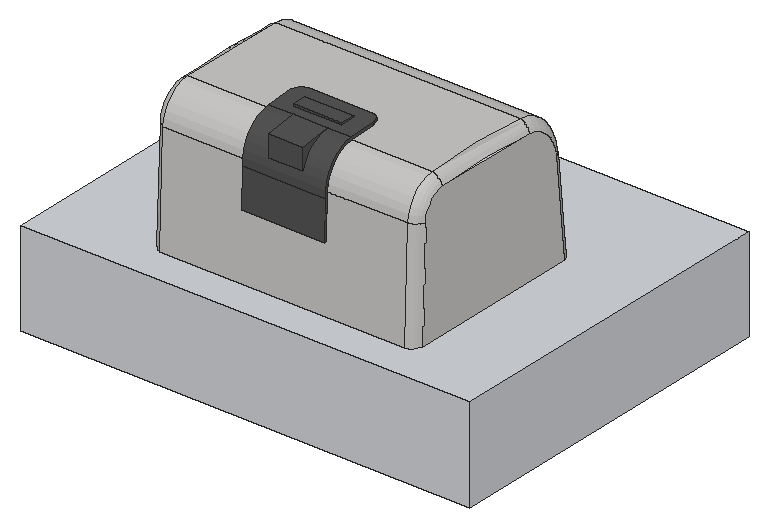
Revit family
Parameters (values of type "Stainless Cover 230V")
  Warranty Duration (Years) = 0
  Voltage Range = "as Specified"
  Unit Width = 1' - 1 9/16"
  Unit Height = 0' - 10 1/4"
  Unit Depth = 0' - 7 1/2"
  URL = "http://www.bobrick.com/Pages/default.aspx"
  Trim = Paint - Bobrick - Black
  Test Data = ""
  Standards Conformance = "cULus  ;  VDE  ;  CE  ;  ADA with proper mounting height  ;  RoHS"
  Specification = ""
  SpecWizard = ""
  Sound Pressure = "72 dBA"
  Send Message = "http://www.arcat.com/users.pl?action=UserEmail&company=Bobrick+Washroom+Equipment,+Inc.&coid=30988&rep=156&fax=818-503-1930&mf="
  Sales Information = "http://www.bobrick.com/Pages/ContactUs.aspx"
  Revision = "R1_10_2012"
  Region Restriction = "None"
  Product Properties = ""
  Product Data = "http://arcat.com/arcatcos/cos30/arc30988.html?isac=1&r=1"
  Mounting Height [instance] = 3' - 0"
  Model = "B-778 230V"
  Manufacturer Website = "http://www.bobrick.com/Pages/default.aspx"
  Manufacturer Phone - Toll Free = ""
  Manufacturer Phone = "818-764-1000"
  Manufacturer Fax = "818-503-1930"
  Manufacturer Address = "11611 Hart St. North Hollywood, CA 91605-5882"
  Manufacturer = "Bobrick Washroom Equipment, Inc."
  Maintenance Schedule (Months) = 0
  Keynote = "102813"
  Installation-Fabrication = "http://www.bobrick.com/washroomaccessories/Pages/WashroomAccessories.aspx"
  Installation Phase = ""
  Electrical_Wattage = 1380 W
  Electrical_Voltage = 230 V
  Electrical_Phase = 1
  Electrical_Frequency [instance] = 60 Hz
  Electrical_Amperage = 6.3 A
  Drying Time = "as Specified"
  Green Building-LEED = ""
  Expected Lifespan (Years) = 0
  Drawn By = "Sumex Design, Inc. / Robert S. Weygant, CSI, CDT, SCIP"
  Description = "Bobrick Automatic Hand Dryer - B-778 230V"
  Default Elevation = 0' - 0"
  Cover Finish = Steel - Bobrick - Stainless Satin
  Copyright = "©Arcat Inc."
  Construction Details = ""
  Building Codes = ""
  Assembly Code = "E1090900"
  Air Temperature = "as Specified"
  Air Output = "66 CFM  ;  9000 LFM"
Types (4): name | Standards Conformance | Model | Electrical_Voltage | Electrical_Amperage | Description | Cover Finish
  Stainless Cover 230V | "cULus  ;  VDE  ;  CE  ;  ADA with proper mounting height  ;  RoHS" | "B-778 230V" | 230 V | 6.3 A | "Bobrick Automatic Hand Dryer - B-778 230V" | Steel - Bobrick - Stainless Satin
  Stainless Cover 115V | "cULus  ;  ADA with proper mounting height  ;  RoHS" | "B-778 115V" | 115 V | 12 A | "Bobrick Automatic Hand Dryer - B-778 115V" | Steel - Bobrick - Stainless Satin
  White Cover 230V | "cULus  ;  VDE  ;  CE  ;  ADA with proper mounting height  ;  RoHS" | "B-770 230V" | 230 V | 6.3 A | "Bobrick Automatic Hand Dryer - B-770 230V" | Paint - Bobrick - White
  White Cover 115V | "cULus  ;  ADA with proper mounting height  ;  RoHS" | "B-770 115V" | 115 V | 12 A | "Bobrick Automatic Hand Dryer - B-770 115V" | Paint - Bobrick - White
Reference planes (in)
  plane 1 "Center (Front/Back)": y = 0.68261
  plane 2: z = 0
  plane 3 "Center (Left/Right)": x = 0
  plane 4: x = -6.78125
  plane 5: x = 6.78125
  plane 6: z = 7.5
  plane 7: y = 5.80761
  plane 8: y = -4.44239
  plane 9 "FF": y = -37.50489
  plane 10: y = -1.50489
Forms (in)
  Extrusion 1, solid
    sketch origin (0, 0, 0) x (1, 0, 0) y (0, 1, 0)
      loop
        line (-12, 11.62011) -> (-12, -6.22594) -> (11.07176, -6.22594) -> (11.07176, 11.62011) -> (-12, 11.62011)
    from 0 to -4.84917
  Extrusion 2, solid, material "Steel - Bobrick - Stainless Satin" <- "Cover Finish"
    sketch origin (0, 0, 0) x (1, 0, 0) y (0, 1, 0)
      loop
        line (-6.78125, 5.80761) -> (-6.78125, -4.44239) -> (6.78125, -4.44239) -> (6.78125, 5.80761) -> (-6.78125, 5.80761)
    from 0 to 7.5
  Extrusion 3, void
    sketch origin (0, 0, 0) x (0, 1, 0) y (0, 0, 1)
      loop
        line (-4.4205, 0) -> (5.74616, 0) -> (5.18793, 5.10376)
        arc (5.18793, 5.10376) -> (4.4796, 6.58028) -> (3.00271, 7.28786) r 2.4668
        arc (3.00271, 7.28786) -> (0.17497, 7.44978) -> (-2.65449, 7.3216) r 27.65333
        arc (-2.65449, 7.3216) -> (-3.75262, 6.78251) -> (-4.22308, 5.65328) r 1.73702
        line (-4.22308, 5.65328) -> (-4.4205, 0)
      loop
        line (-5.21656, 8.61365) -> (-5.21656, -0.63635) -> (6.53344, -0.63635) -> (6.53344, 8.61365) -> (-5.21656, 8.61365)
    from -6.78125 to 6.78125
  Extrusion 4, solid, material "Steel - Bobrick - Stainless Satin" <- "Cover Finish"
    sketch origin (0, 0, 0) x (0, 1, 0) y (0, 0, 1)
      loop
        line (-0.72412, 3.37013) -> (-0.72412, 7.56429)
        arc (-0.72412, 7.56429) -> (-1.6729, 7.52135) -> (-2.61966, 7.44601) r 27.77833
        arc (-2.61966, 7.44601) -> (-3.89846, 6.75752) -> (-4.30113, 5.3621) r 1.87371
        line (-4.30113, 5.3621) -> (-4.3707, 3.37013) -> (-0.72412, 3.37013)
    from 2.125 to -2.125
  Extrusion 5, solid, material "Steel - Bobrick - Stainless Satin" <- "Cover Finish"
    sketch origin (0, 0, 0) x (1, 0, 0) y (0, 1, 0)
      loop
        line (-1.25, -1.39348) -> (-1.25, -2.14348) -> (1.25, -2.14348) -> (1.25, -1.39348) -> (-1.25, -1.39348)
    from 7.27306 to 7.59157
  Extrusion 6, solid, material "Steel - Bobrick - Stainless Satin" <- "Cover Finish"
    sketch origin (0, 0, 0) x (0, 1, 0) y (0, 0, 1)
      loop
        arc (-1.93051, 7.50408) -> (-3.08166, 7.39739) -> (-4.22738, 7.24289) r 27.77833
        line (-4.22738, 7.24289) -> (-4.22738, 5.84528) -> (-1.93051, 5.84528) -> (-1.93051, 7.50408)
    from 0.875 to -0.875
  Extrusion 7, void
    sketch origin (0, 0, 0) x (1, 0, 0) y (0, 1, 0)
      loop
        line (-2.125, -0.72412) -> (-2.125, -1.22412)
        arc (-2.125, -1.22412) -> (-1.97855, -0.87057) -> (-1.625, -0.72412) r 0.5
        line (-1.625, -0.72412) -> (-2.125, -0.72412)
      loop
        line (2.125, -0.72412) -> (1.625, -0.72412)
        arc (1.625, -0.72412) -> (1.97855, -0.87057) -> (2.125, -1.22412) r 0.5
        line (2.125, -1.22412) -> (2.125, -0.72412)
    from 0 to 8.0018
  Sweep 8, void
    path in 3D
      loop
        line (6.78125, -4.4205, 0) -> (6.78125, -4.22308, 5.65328)
        arc (6.78125, -4.22308, 5.65328) -> (6.78125, -3.75262, 6.78251) -> (6.78125, -2.65449, 7.3216) r 1.73702
        arc (6.78125, -2.65449, 7.3216) -> (6.78125, 0.17497, 7.44978) -> (6.78125, 3.00271, 7.28786) r 27.65333
        arc (6.78125, 3.00271, 7.28786) -> (6.78125, 4.4796, 6.58028) -> (6.78125, 5.18793, 5.10375) r 2.4668
        line (6.78125, 5.18793, 5.10375) -> (6.78125, 5.74616, 0)
    profile origin (6.78125, 4.4796, 6.58028) x (0, -0.706927, -0.707287) y (-1, 0, 0)
      loop
        line (0, 0.5) -> (0, 0) -> (0.5, 0)
        arc (0.5, 0) -> (0.20433, 0.20433) -> (0, 0.5) r 1
  Sweep 9, void
    path in 3D
      loop
        line (-6.78125, -4.4205, 0) -> (-6.78125, -4.22308, 5.65328)
        arc (-6.78125, -4.22308, 5.65328) -> (-6.78125, -3.75262, 6.78251) -> (-6.78125, -2.65449, 7.3216) r 1.73702
        arc (-6.78125, -2.65449, 7.3216) -> (-6.78125, 0.17497, 7.44978) -> (-6.78125, 3.00271, 7.28786) r 27.65333
        arc (-6.78125, 3.00271, 7.28786) -> (-6.78125, 4.4796, 6.58028) -> (-6.78125, 5.18793, 5.10376) r 2.4668
        line (-6.78125, 5.18793, 5.10376) -> (-6.78125, 5.74616, 0)
    profile origin (-6.78125, 5.46704, 2.55188) x (0, 0.994072, 0.108727) y (1, 0, 0)
      loop
        line (0, 0) -> (0, 0.5)
        arc (0, 0.5) -> (-0.20433, 0.20433) -> (-0.5, 0) r 1
        line (-0.5, 0) -> (0, 0)
Cuts and joins
  Extrusion 3, Sweep 8, Sweep 9 cuts Extrusion 2
  Extrusion 7, Sweep 9 cuts Extrusion 4
  Extrusion 7, Sweep 9 cuts Extrusion 5
  Extrusion 7, Sweep 9 cuts Extrusion 6
  joined: Extrusion 2, Extrusion 4, Extrusion 5, Extrusion 6
Lines and regions (in)
  sketch lines
    curve 1: arc (6.78125, 3.00271, 7.28786) -> (6.78125, 4.4796, 6.58028) -> (6.78125, 5.18793, 5.10375) r 2.4668
    curve 2: line (6.78125, 5.74616, 0) -> (6.78125, 5.18793, 5.10375)
    curve 3: arc (6.78125, -2.65449, 7.3216) -> (6.78125, 0.17497, 7.44978) -> (6.78125, 3.00271, 7.28786) r 27.65333
    curve 4: arc (6.78125, -4.22308, 5.65328) -> (6.78125, -3.75262, 6.78251) -> (6.78125, -2.65449, 7.3216) r 1.73702
    curve 5: line (6.78125, -4.22308, 5.65328) -> (6.78125, -4.4205, 0)
    curve 6: line (-6.78125, 5.18793, 5.10376) -> (-6.78125, 5.74616, 0)
    curve 7: arc (-6.78125, 5.18793, 5.10376) -> (-6.78125, 4.4796, 6.58028) -> (-6.78125, 3.00271, 7.28786) r 2.4668
    curve 8: arc (-6.78125, 3.00271, 7.28786) -> (-6.78125, 0.17497, 7.44978) -> (-6.78125, -2.65449, 7.3216) r 27.65333
    curve 9: arc (-6.78125, -2.65449, 7.3216) -> (-6.78125, -3.75262, 6.78251) -> (-6.78125, -4.22308, 5.65328) r 1.73702
    curve 10: line (-6.78125, -4.4205, 0) -> (-6.78125, -4.22308, 5.65328)
Dimensions and locks (in)
  "Unit Depth": plane 6 to level
  equal spacing: plane 4, plane 3 "Center (Left/Right)", plane 5
  "Unit Width": plane 4 to plane 5
  equal spacing: plane 7, plane 1 "Center (Front/Back)", plane 8
  "Unit Height": plane 7 to plane 8
  "Mounting Height": plane 10 to plane 9 "FF"
  locked: plane 10 to plane 8 at 2.9375
  aligned and locked: plane 2 to Extrusion 1
  aligned and locked: level to Extrusion 1
Automatic sketch dimensions
  Extrusion 1 sketch curve to Extrusion 1 sketch curve = 1' - 11.07176"
  Extrusion 1 sketch curve to Extrusion 1 sketch curve = 1' - 5.84605"
  Extrusion 2 sketch curve to plane 5 = 0' - 0"
  Extrusion 2 sketch curve to plane 7 = 0' - 0"
  plane 8 to Extrusion 2 sketch curve = 0' - 0"
  Extrusion 2 sketch curve to plane 4 = 0' - 0"
  Extrusion 3 sketch curve to level = 0' - 0"
  Extrusion 3 sketch curve to plane 8 = 0' - 0.77417"
  plane 8 to Extrusion 3 sketch curve = 0' - 0.02189"
  plane 8 to Extrusion 3 sketch curve = 0' - 0.2193"
  Extrusion 3 sketch curve to plane 6 = 0' - 0.1784"
  Extrusion 3 sketch curve to plane 10 = 0' - 1.14961"
  Extrusion 3 sketch curve to Extrusion 3 sketch curve = 0' - 0"  (x2)
  Extrusion 3 sketch curve to Extrusion 3 sketch curve = 0' - 1.73596"
  plane 1 "Center (Front/Back)" to Extrusion 3 sketch curve = 0' - 0.67254"
  Extrusion 3 sketch curve to plane 1 "Center (Front/Back)" = 0' - 2.05314"
  Extrusion 3 sketch curve to plane 6 = 0' - 0.21214"
  Extrusion 3 sketch curve to plane 1 "Center (Front/Back)" = 0' - 2.3201"
  Extrusion 3 sketch curve to plane 7 = 0' - 0.61968"
  Extrusion 3 sketch curve to plane 7 = 0' - 0.06146"
  plane 7 to Extrusion 3 sketch curve = 0' - 0.72583"
  Extrusion 3 sketch curve to level = 0' - 0.63635"
  plane 6 to Extrusion 3 sketch curve = 0' - 1.11365"
  plane 8 to Extrusion 4 sketch curve = 0' - 0.07169"
  plane 8 to Extrusion 4 sketch curve = 0' - 0.14126"
  Extrusion 4 sketch curve to plane 6 = 0' - 0.05399"
  Extrusion 4 sketch curve to plane 10 = 0' - 1.11477"
  Extrusion 4 sketch curve to Extrusion 4 sketch curve = 0' - 0"
  Extrusion 4 sketch curve to Extrusion 4 sketch curve = 0' - 0.17942"
  plane 6 to Extrusion 4 sketch curve = 0' - 0.06429"
  plane 1 "Center (Front/Back)" to Extrusion 4 sketch curve = 0' - 1.40673"
  plane 1 "Center (Front/Back)" to Extrusion 4 sketch curve = 0' - 0.62567"
  Extrusion 4 sketch curve to Extrusion 4 sketch curve = 0' - 1.99198"
  Extrusion 5 sketch curve to plane 3 "Center (Left/Right)" = 0' - 1 1/4"
  plane 3 "Center (Left/Right)" to Extrusion 5 sketch curve = 0' - 1 1/4"
  Extrusion 5 sketch curve to plane 10 = 0' - 0.63859"
  plane 10 to Extrusion 5 sketch curve = 0' - 0.11141"
  plane 8 to Extrusion 6 sketch curve = 0' - 0.21501"
  Extrusion 6 sketch curve to plane 10 = 0' - 0.42562"
  plane 6 to Extrusion 6 sketch curve = 0' - 0.00408"
  plane 1 "Center (Front/Back)" to Extrusion 6 sketch curve = 0' - 0.62567"
  Extrusion 6 sketch curve to Extrusion 6 sketch curve = 0' - 0.26119"
  Extrusion 6 sketch curve to Extrusion 6 sketch curve = 0' - 1.39761"
  plane 10 to Extrusion 7 sketch curve = 0' - 0.78077"
  Extrusion 7 sketch curve to plane 3 "Center (Left/Right)" = 0' - 2 1/8"
  Extrusion 7 sketch curve to Extrusion 7 sketch curve = 0' - 0"  (x4)
  Extrusion 7 sketch curve to Extrusion 7 sketch curve = 0' - 0 1/2"  (x2)
  plane 10 to Extrusion 7 sketch curve = 0' - 0.28077"
  plane 3 "Center (Left/Right)" to Extrusion 7 sketch curve = 0' - 1 5/8"
  Sweep 9 sketch curve to profile plane = 0' - 0"  (x2)
  profile plane to Sweep 9 sketch curve = 0' - 0 1/2"  (x2)
  profile plane to Sweep 9 sketch curve = 0' - 0.91144"
  profile plane to Sweep 8 sketch curve = 0' - 0"
  Sweep 8 sketch curve to profile plane = 0' - 0"
  Sweep 8 sketch curve to profile plane = 0' - 0 1/2"
  Sweep 8 sketch curve to profile plane = 0' - 0.91144"
  Sweep 8 sketch curve to Sweep 8 sketch curve = 0' - 0 1/2"
Connectors (in)
  electrical at (0, 0.66216, 0), driven by "Electrical_Phase", driven by "Electrical_Voltage"
    settings: on cut or joined group of Extrusion 2, Extrusion 3, Extrusion 4, Extrusion 5, Extrusion 6, Extrusion 7, Sweep 8, Sweep 9, index 1, voltage 230 V, apparent load 0 VA, apparent load phase1 0 VA, apparent load phase2 0 VA, apparent load phase3 0 VA, power factor 1, load classification "Other", number of poles 1, system type 31, power factor state 1, is connector primary yes, connector utility no, sub classification motor no, connector description ""
